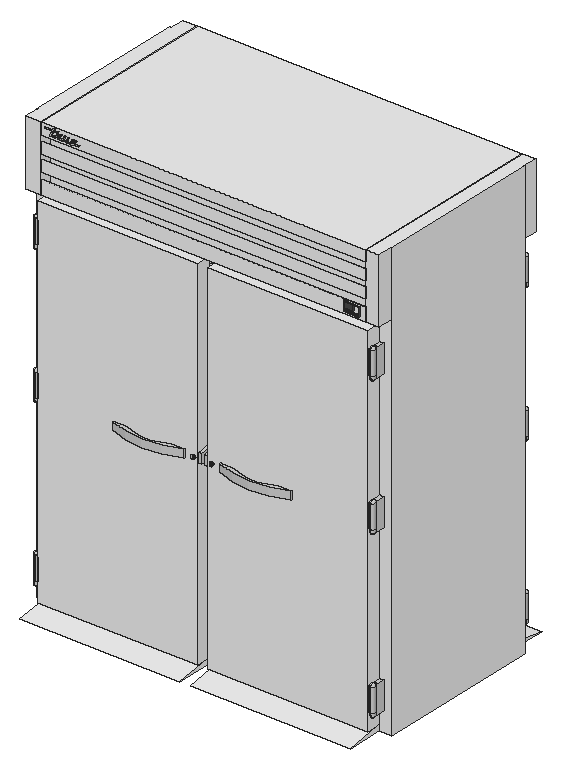
Revit family
Parameters
  Weight in Pounds = 0
  Watts = 4000 W
  Volts = 115 V
  URL Cutsheet = "www.truemfg.com"
  URL = "www.truemfg.com"
  Type Mark [instance] = ""
  Type Comments = ""
  Status [instance] = ""
  Specification by User [instance] = ""
  Specification by Manufacturer = ""
  Show Logo [instance] = yes
  Show Clearance [instance] = yes
  Serial Number = ""
  Seismic Rating = ""
  SMACNA No = ""
  Revision Code [instance] = ""
  Phase = 1
  Omniclass Number and Title = ""
  Number of Poles [instance] = 1
  NAFEM Spec ID Number = ""
  Model = "STA2HRT-2S-2S"
  Min Ckt Ampacity = 0 A
  Max Overcurrent Protection = 0 A
  Masterspec = ""
  Manufacturer = "TRUE FOOD SERVICE EQUIPMENT, INC."
  Length = 68"
  Item Number [instance] = ""
  Installed By [instance] = ""
  Identify Quantity as Lot [instance] = yes
  Height = 83 3/4"
  HP = ""
  Furnished By [instance] = ""
  Foodservice Equipment Identifier [instance] = yes
  FL Amps = Watts / Volts  # 34.7826 A
  Electrical Remarks [instance] = ""
  Electric Connection Type [instance] = ""
  Elec Conn RI Height [instance] = 0"
  Elec Conn Connection Height [instance] = 0"
  Description = "Roll-thru Solid Swing Door Heated Cabinet"
  Depth = 37 1/2"
  Cycle = 60 Hz
  Conn Plug = "14-20P"
  Conn Conduit = yes
  CSI MasterFormat = ""
  CSI Master Format = ""
  Apparent Power = if(Phase = 3, Volts * FL Amps * 1.73, Volts * FL Amps)  # 4000 VA
Reference planes (in)
  plane 1 "BACK": y = 0
  plane 2: z = 0
  plane 3 "LEFT": x = 0
  plane 4 "RIGHT": x = 68
  plane 5 "FRONT": y = -37.5
  plane 6 "TOP": z = 83.75
  plane 7: x = 2.84375
  plane 8: y = -37.4542
  plane 9: x = 34
  plane 10: y = -0.0458
  plane 11: z = 69.90625
Forms (in)
  Extrusion 1, solid, material "QF_Finishes_Chrome - Satin"
    sketch origin (0.05, 0, 0) x (1, 0, 0) y (0, 1, 0)
      loop
        line (-0.05, -2.75) -> (-0.05, -34.75) -> (2.87859, -34.75) -> (2.87859, -2.75) -> (-0.05, -2.75)
    from 0 to 83.75
  Extrusion 2, solid, material "QF_Finishes_Chrome - Satin"
    sketch origin (50.15, 0, 0) x (1, 0, 0) y (0, 1, 0)
      loop
        line (15.15, -2.75) -> (15.15, -34.75) -> (17.85, -34.75) -> (17.85, -2.75) -> (15.15, -2.75)
    from 0 to 83.75
  Extrusion 3, solid, material "QF_Finishes_Chrome - Satin"
    sketch origin (0, 0, 0) x (0, 1, 0) y (0, 0, 1)
      loop
        line (-37.4542, 71.28125) -> (-34.75, 71.28125) -> (-34.75, 68.90625) -> (-2.75, 68.90625) -> (-2.75, 71.28125) -> (-0.0458, 71.28125) -> (-0.0458, 73.94226) -> (-2.25, 72.375) -> (-2.25, 73.65057) -> (-0.0458, 75.21784) -> (-0.0458, 77.31404) -> (-2.25, 75.74678) -> (-2.25, 76.70754) -> (-0.0458, 78.2748) -> (-0.0458, 80.40851) -> (-2.25, 78.84125) -> (-2.25, 79.96352) -> (-0.0458, 81.53078) -> (-0.0458, 83.75) -> (-37.4542, 83.75) -> (-37.4542, 81.53078) -> (-35.25, 79.96352) -> (-35.25, 78.84125) -> (-37.4542, 80.40851) -> (-37.4542, 78.2748) -> (-35.25, 76.70754) -> (-35.25, 75.74678) -> (-37.4542, 77.31404) -> (-37.4542, 75.21784) -> (-35.25, 73.65057) -> (-35.25, 72.375) -> (-37.4542, 73.94226) -> (-37.4542, 71.28125)
      loop
        line (-34.75, 0) -> (-2.75, 0) -> (-2.75, 2) -> (-34.75, 2) -> (-34.75, 0)
    from 2.92859 to 65.3
  Extrusion 4, solid, material "QF_Finishes_Chrome - Satin"
    sketch origin (0, 0, 0) x (1, 0, 0) y (0, 1, 0)
      loop
        line (67.84782, -34.75) -> (65.3, -34.75) -> (65.3, -37.5) -> (67.84782, -37.5) -> (67.84782, -34.75)
      loop
        line (67.84782, -2.75) -> (67.84782, 0) -> (65.3, 0) -> (65.3, -2.75) -> (67.84782, -2.75)
    from 71.28125 to 83.75
  Extrusion 5, solid, material "QF_Finishes_Chrome - Satin"
    sketch origin (-50.125, 0, 0.25) x (1, 0, 0) y (0, 1, 0)
      loop
        line (53.05359, -34.75) -> (50.24109, -34.75) -> (50.24109, -37.5) -> (53.05359, -37.5) -> (53.05359, -34.75)
      loop
        line (53.05359, -2.75) -> (53.05359, 0) -> (50.24109, 0) -> (50.24109, -2.75) -> (53.05359, -2.75)
    from 71.03125 to 83.5
  Extrusion 6, solid, material "QF_Finishes_Handrails and Railings"
    sketch origin (9.34375, -3.83467, -3.5) x (1, 0, 0) y (0, 0, 1)
      loop
        circle (26.4375, 40.0625) r 0.35
      loop
        line (26.47265, 40.33635) -> (26.41715, 40.33635) -> (26.41715, 39.76895) -> (26.47265, 39.76895) -> (26.47265, 40.33635)
    from 33.5 to 33.83066
  Extrusion 7, solid, material "QF_Finishes_Handrails and Railings", visible <- "Show Logo"
    sketch origin (0.33478, -2.68623, 5.13015) x (1, 0, 0) y (0, 0, 1)
      loop
        line (3.46044, 78.08731) -> (3.35478, 77.86073) -> (4.76027, 77.86073)
        arc (4.76027, 77.86073) -> (4.78879, 77.81028) -> (4.76027, 77.75984) r 0.05887
        line (4.76027, 77.75984) -> (4.39369, 76.97372)
        arc (4.39369, 76.97372) -> (4.39051, 76.90091) -> (4.43975, 76.84717) r 0.09523
        line (4.43975, 76.84717) -> (5.33844, 76.84717)
        arc (5.33844, 76.84717) -> (5.45192, 76.88295) -> (5.52436, 76.97735) r 0.19785
        line (5.52436, 76.97735) -> (5.81285, 77.59601) -> (6.0779, 77.59601)
        arc (6.0779, 77.59601) -> (6.14744, 77.57043) -> (6.13737, 77.49703) r 0.05911
        line (6.13737, 77.49703) -> (5.89598, 76.97937)
        arc (5.89598, 76.97937) -> (5.89974, 76.8934) -> (5.97231, 76.84717) r 0.09318
        line (5.97231, 76.84717) -> (6.76198, 76.84717)
        arc (6.76198, 76.84717) -> (6.82249, 76.86919) -> (6.85468, 76.92495) r 0.09412
        arc (6.85468, 76.92495) -> (6.87746, 76.86995) -> (6.93246, 76.84717) r 0.07778
        line (6.93246, 76.84717) -> (7.43246, 76.84717)
        arc (7.43246, 76.84717) -> (7.49022, 76.86265) -> (7.53251, 76.90493) r 0.11552
        arc (7.53251, 76.90493) -> (7.55275, 76.85606) -> (7.60162, 76.83581) r 0.06912
        line (7.60162, 76.83581) -> (8.31225, 76.83581)
        arc (8.31225, 76.83581) -> (8.37034, 76.85988) -> (8.39441, 76.91797) r 0.08216
        arc (8.39441, 76.91797) -> (8.44767, 76.86472) -> (8.52042, 76.84522) r 0.14551
        line (8.52042, 76.84522) -> (9.85158, 76.84522) -> (9.99946, 77.10134) -> (8.65678, 77.10134)
        arc (8.65678, 77.10134) -> (8.61972, 77.12704) -> (8.61834, 77.17211) r 0.05009
        line (8.61834, 77.17211) -> (8.64157, 77.22192)
        arc (8.64157, 77.22192) -> (8.67723, 77.26864) -> (8.73327, 77.28635) r 0.09747
        line (8.73327, 77.28635) -> (9.16485, 77.28635)
        arc (9.16485, 77.28635) -> (9.258, 77.31131) -> (9.32619, 77.3795) r 0.1863
        line (9.32619, 77.3795) -> (9.45119, 77.59601)
        arc (9.45119, 77.59601) -> (9.45119, 77.71157) -> (9.35111, 77.76934) r 0.11556
        line (9.35111, 77.76934) -> (8.89562, 77.76934)
        arc (8.89562, 77.76934) -> (8.7795, 77.74962) -> (8.69849, 77.66412) r 0.18605
        line (8.69849, 77.66412) -> (8.48204, 77.19993)
        arc (8.48204, 77.19993) -> (8.41815, 77.11667) -> (8.31806, 77.08511) r 0.1745
        line (8.31806, 77.08511) -> (7.84559, 77.08511)
        arc (7.84559, 77.08511) -> (7.78903, 77.14684) -> (7.79268, 77.23048) r 0.10939
        line (7.79268, 77.23048) -> (8.04395, 77.76934) -> (7.88403, 77.76934) -> (7.61781, 77.19844)
        arc (7.61781, 77.19844) -> (7.56609, 77.13103) -> (7.48505, 77.10548) r 0.14128
        line (7.48505, 77.10548) -> (7.15925, 77.10548)
        arc (7.15925, 77.10548) -> (7.10419, 77.17723) -> (7.116, 77.26689) r 0.11816
        line (7.116, 77.26689) -> (7.3503, 77.76934) -> (7.18514, 77.76934) -> (6.91546, 77.191)
        arc (6.91546, 77.191) -> (6.85285, 77.12839) -> (6.76733, 77.10548) r 0.17104
        line (6.76733, 77.10548) -> (6.29555, 77.10548)
        arc (6.29555, 77.10548) -> (6.21082, 77.14499) -> (6.20267, 77.23813) r 0.0935
        line (6.20267, 77.23813) -> (6.35774, 77.57069) -> (6.57695, 77.57069)
        arc (6.57695, 77.57069) -> (6.61395, 77.68217) -> (6.69267, 77.76934) r 0.2857
        line (6.69267, 77.76934) -> (5.83605, 77.76934)
        arc (5.83605, 77.76934) -> (5.74086, 77.74824) -> (5.67498, 77.67635) r 0.16212
        line (5.67498, 77.67635) -> (5.44279, 77.17841)
        arc (5.44279, 77.17841) -> (5.3894, 77.12502) -> (5.31647, 77.10548) r 0.14586
        line (5.31647, 77.10548) -> (4.80506, 77.10548)
        arc (4.80506, 77.10548) -> (4.76514, 77.15942) -> (4.77274, 77.22609) r 0.09155
        line (4.77274, 77.22609) -> (5.11018, 77.86073) -> (5.96155, 77.86073) -> (6.06721, 78.08731) -> (5.21584, 78.08731) -> (5.32149, 78.31388) -> (5.01862, 78.31388) -> (4.91297, 78.08731) -> (3.46044, 78.08731)
      loop
        arc (8.83805, 77.56363) -> (8.80119, 77.55375) -> (8.7742, 77.52676) r 0.07373
        line (8.7742, 77.52676) -> (8.75229, 77.45936)
        arc (8.75229, 77.45936) -> (8.76245, 77.43483) -> (8.78699, 77.42466) r 0.0347
        line (8.78699, 77.42466) -> (9.15948, 77.42466)
        arc (9.15948, 77.42466) -> (9.18632, 77.43061) -> (9.20812, 77.44734) r 0.0635
        line (9.20812, 77.44734) -> (9.22624, 77.53122)
        arc (9.22624, 77.53122) -> (9.22091, 77.55368) -> (9.20009, 77.56363) r 0.02676
        line (9.20009, 77.56363) -> (8.83805, 77.56363)
    from 34.76797 to 34.83173
  Extrusion 8, solid, material "QF_Finishes_White"
    sketch origin (-22.74812, -2.7042, -7.90007) x (1, 0, 0) y (0, 0, 1)
      loop
        line (83.81732, 81.35727) -> (83.81732, 79.60996) -> (86.72357, 79.60996) -> (86.72357, 81.35727) -> (83.81732, 81.35727)
    from 34.75 to 34.76797
  Extrusion 9, solid, material "QF_Finishes_Black"
    sketch origin (-22.74812, -2.7042, -7.90007) x (1, 0, 0) y (0, 0, 1)
      loop
        line (86.78607, 81.41977) -> (83.75482, 81.41977) -> (83.75482, 79.54746) -> (86.78607, 79.54746) -> (86.78607, 81.41977)
      loop
        spline (83.95482, 79.87872) -> (83.96333, 79.86254) -> (83.98831, 79.84747) -> (84.02804, 79.83452) -> (84.07982, 79.82459) -> (84.14011, 79.81835) -> (84.20482, 79.81622) -> (84.26952, 79.81835) -> (84.32982, 79.82459) -> (84.38159, 79.83452) -> (84.42132, 79.84747) -> (84.4463, 79.86254) -> (84.45482, 79.87872)
        spline (84.45482, 79.87872) -> (84.4463, 79.89489) -> (84.42132, 79.90997) -> (84.38159, 79.92291) -> (84.32982, 79.93284) -> (84.26952, 79.93909) -> (84.20482, 79.94122) -> (84.14011, 79.93909) -> (84.07982, 79.93284) -> (84.02804, 79.92291) -> (83.98831, 79.90997) -> (83.96333, 79.89489) -> (83.95482, 79.87872)
      loop
        spline (84.65083, 79.87872) -> (84.65935, 79.86254) -> (84.68432, 79.84747) -> (84.72405, 79.83452) -> (84.77583, 79.82459) -> (84.83612, 79.81835) -> (84.90083, 79.81622) -> (84.96553, 79.81835) -> (85.02583, 79.82459) -> (85.07761, 79.83452) -> (85.11734, 79.84747) -> (85.14231, 79.86254) -> (85.15083, 79.87872)
        spline (85.15083, 79.87872) -> (85.14231, 79.89489) -> (85.11734, 79.90997) -> (85.07761, 79.92291) -> (85.02583, 79.93284) -> (84.96553, 79.93909) -> (84.90083, 79.94122) -> (84.83612, 79.93909) -> (84.77583, 79.93284) -> (84.72405, 79.92291) -> (84.68432, 79.90997) -> (84.65935, 79.89489) -> (84.65083, 79.87872)
      loop
        spline (85.40083, 79.87872) -> (85.40935, 79.86254) -> (85.43432, 79.84747) -> (85.47405, 79.83452) -> (85.52583, 79.82459) -> (85.58612, 79.81835) -> (85.65083, 79.81622) -> (85.71553, 79.81835) -> (85.77583, 79.82459) -> (85.82761, 79.83452) -> (85.86734, 79.84747) -> (85.89231, 79.86254) -> (85.90083, 79.87872)
        spline (85.90083, 79.87872) -> (85.89231, 79.89489) -> (85.86734, 79.90997) -> (85.82761, 79.92291) -> (85.77583, 79.93284) -> (85.71553, 79.93909) -> (85.65083, 79.94122) -> (85.58612, 79.93909) -> (85.52583, 79.93284) -> (85.47405, 79.92291) -> (85.43432, 79.90997) -> (85.40935, 79.89489) -> (85.40083, 79.87872)
      loop
        line (83.95481, 81.21978) -> (83.95481, 80.21978) -> (85.65433, 80.21978) -> (85.65433, 81.21978) -> (83.95481, 81.21978)
      loop
        line (86.72357, 81.35727) -> (83.81732, 81.35727) -> (83.81732, 79.60996) -> (86.72357, 79.60996) -> (86.72357, 81.35727)
      loop
        spline (86.15083, 79.87872) -> (86.15935, 79.86254) -> (86.18432, 79.84747) -> (86.22405, 79.83452) -> (86.27583, 79.82459) -> (86.33612, 79.81835) -> (86.40083, 79.81622) -> (86.46553, 79.81835) -> (86.52583, 79.82459) -> (86.57761, 79.83452) -> (86.61734, 79.84747) -> (86.64231, 79.86254) -> (86.65083, 79.87872)
        spline (86.65083, 79.87872) -> (86.64231, 79.89489) -> (86.61734, 79.90997) -> (86.57761, 79.92291) -> (86.52583, 79.93284) -> (86.46553, 79.93909) -> (86.40083, 79.94122) -> (86.33612, 79.93909) -> (86.27583, 79.93284) -> (86.22405, 79.92291) -> (86.18432, 79.90997) -> (86.15935, 79.89489) -> (86.15083, 79.87872)
    from 34.76797 to 34.80335
  Extrusion 10, solid
    sketch origin (-25.125, 0, 0) x (1, 0, 0) y (0, 0, 1)
      loop
        circle (89.875, 81.625) r 0.25
    from 0 to 0.0625
  Blend 11, solid, material "QF_Finishes_Handrails and Railings"
    base sketch origin (60.25, -3.75, -1.5) x (-1, 0, 0) y (0, 0, -1)
      loop
        line (25.25, -38.99169) -> (26, -38.99169) -> (26, -37.24169) -> (25.25, -37.24169) -> (25.25, -38.99169)
    top sketch origin (60.25, 0, -1.5) x (-1, 0, 0) y (0, 0, -1)
      loop
        line (26.18223, -36.6441) -> (25.25, -36.6441) -> (25.25, -39.42643) -> (26.18223, -39.42643) -> (26.18223, -36.6441)
    from 33.57883 to 34.75
  Extrusion 12, solid, material "QF_Finishes_Handrails and Railings"
    sketch origin (66.78125, 0, 2.75) x (0, 1, 0) y (0, 0, -1)
      loop
        line (-34.75, -64.17729) -> (-34.75, -58.86127) -> (-37, -58.86127) -> (-37, -59.57348) -> (-36.56497, -59.57348) -> (-36.56497, -63.97276)
        arc (-36.56497, -63.97276) -> (-36.50506, -64.11738) -> (-36.36044, -64.17729) r 0.20453
        line (-36.36044, -64.17729) -> (-34.75, -64.17729)
    from 0.17506 to 1
  Revolve 13, solid, material "QF_Finishes_Handrails and Railings"
    sketch origin (66.28125, 0, 2.75) x (0, 1, 0) y (0, 0, -1)
      loop
        line (-37.01563, -59.62689) -> (-37.42229, -59.62689) -> (-37.42229, -64.0986)
        arc (-37.42229, -64.0986) -> (-37.28722, -64.35057) -> (-37.01563, -64.43983) r 0.3848
        line (-37.01563, -64.43983) -> (-37.01563, -59.62689)
      loop
        line (-37.01563, -59.57348) -> (-37.01563, -58.67281)
        arc (-37.01563, -58.67281) -> (-37.28264, -58.75883) -> (-37.42229, -59.00212) r 0.38884
        line (-37.42229, -59.00212) -> (-37.42229, -59.57348) -> (-37.01563, -59.57348)
      axis (-37.01563, -58.67281) -> (-37.01563, -64.43983)
    angle from 0 to 360
  Extrusion 14, solid, material "QF_Finishes_Handrails and Railings"
    sketch origin (27.5, -3.82734, 2.7511) x (-1, 0, 0) y (0, 0, -1)
      loop
        line (-38.58509, -64.0986) -> (-38.1875, -64.0986) -> (-38.1875, -59.62579) -> (-38.58509, -59.62579) -> (-38.58509, -64.0986)
    from 32.81497 to 33.59495
  Extrusion 15, solid, material "QF_Finishes_Handrails and Railings"
    sketch origin (66.78125, 0, -24) x (0, 1, 0) y (0, 0, -1)
      loop
        line (-34.75, -64.55229) -> (-34.75, -59.23627) -> (-37, -59.23627) -> (-37, -59.94848) -> (-36.56497, -59.94848) -> (-36.56497, -64.34776)
        arc (-36.56497, -64.34776) -> (-36.50506, -64.49238) -> (-36.36044, -64.55229) r 0.20453
        line (-36.36044, -64.55229) -> (-34.75, -64.55229)
    from 0.17506 to 1
  Revolve 16, solid, material "QF_Finishes_Handrails and Railings"
    sketch origin (66.28125, 0, -24) x (0, 1, 0) y (0, 0, -1)
      loop
        line (-37.01563, -60.00189) -> (-37.42229, -60.00189) -> (-37.42229, -64.4736)
        arc (-37.42229, -64.4736) -> (-37.28722, -64.72557) -> (-37.01563, -64.81483) r 0.3848
        line (-37.01563, -64.81483) -> (-37.01563, -60.00189)
      loop
        line (-37.01563, -59.94848) -> (-37.01563, -59.04781)
        arc (-37.01563, -59.04781) -> (-37.28264, -59.13383) -> (-37.42229, -59.37712) r 0.38884
        line (-37.42229, -59.37712) -> (-37.42229, -59.94848) -> (-37.01563, -59.94848)
      axis (-37.01563, -59.04781) -> (-37.01563, -64.81483)
    angle from 0 to 360
  Extrusion 17, solid, material "QF_Finishes_Handrails and Railings"
    sketch origin (27.5, -3.82734, -23.9989) x (-1, 0, 0) y (0, 0, -1)
      loop
        line (-38.58509, -64.4736) -> (-38.1875, -64.4736) -> (-38.1875, -60.00079) -> (-38.58509, -60.00079) -> (-38.58509, -64.4736)
    from 32.81497 to 33.59495
  Extrusion 18, solid, material "QF_Finishes_Handrails and Railings"
    sketch origin (66.78125, 0, -55.5) x (0, 1, 0) y (0, 0, -1)
      loop
        line (-34.75, -64.55229) -> (-34.75, -59.23627) -> (-37, -59.23627) -> (-37, -59.94848) -> (-36.56497, -59.94848) -> (-36.56497, -64.34776)
        arc (-36.56497, -64.34776) -> (-36.50506, -64.49238) -> (-36.36044, -64.55229) r 0.20453
        line (-36.36044, -64.55229) -> (-34.75, -64.55229)
    from 0.17506 to 1
  Revolve 19, solid, material "QF_Finishes_Handrails and Railings"
    sketch origin (66.28125, 0, -55.5) x (0, 1, 0) y (0, 0, -1)
      loop
        line (-37.01563, -60.00189) -> (-37.42229, -60.00189) -> (-37.42229, -64.4736)
        arc (-37.42229, -64.4736) -> (-37.28722, -64.72557) -> (-37.01563, -64.81483) r 0.3848
        line (-37.01563, -64.81483) -> (-37.01563, -60.00189)
      loop
        line (-37.01563, -59.94848) -> (-37.01563, -59.04781)
        arc (-37.01563, -59.04781) -> (-37.28264, -59.13383) -> (-37.42229, -59.37712) r 0.38884
        line (-37.42229, -59.37712) -> (-37.42229, -59.94848) -> (-37.01563, -59.94848)
      axis (-37.01563, -59.04781) -> (-37.01563, -64.81483)
    angle from 0 to 360
  Extrusion 20, solid, material "QF_Finishes_Handrails and Railings"
    sketch origin (27.5, -3.82734, -55.4989) x (-1, 0, 0) y (0, 0, -1)
      loop
        line (-38.58509, -64.4736) -> (-38.1875, -64.4736) -> (-38.1875, -60.00079) -> (-38.58509, -60.00079) -> (-38.58509, -64.4736)
    from 32.81497 to 33.59495
  Extrusion 21, solid, material "QF_Finishes_Chrome - Satin"
    sketch origin (65.6875, -3.75, 8.03125) x (0, 0, 1) y (0, -1, 0)
      loop
        line (-8.03125, 37.875) -> (-8.03125, 31) -> (-7.03125, 31) -> (-8.03125, 37.875)
    from 0 to -30.6875
  Extrusion 22, solid, material "QF_Finishes_Chrome - Satin"
    sketch origin (59.96875, -3.75, -0.71875) x (-1, 0, 0) y (0, 0, -1)
      loop
        line (26.96875, -1.71875) -> (26.96875, -70.625) -> (57.65625, -70.625) -> (57.65625, -1.71875) -> (26.96875, -1.71875)
      loop
        line (24.96875, -1.71875) -> (-5.71875, -1.71875) -> (-5.71875, -70.625) -> (24.96875, -70.625) -> (24.96875, -1.71875)
    from 31 to 33.75
  Extrusion 23, solid, material "QF_Finishes_Handrails and Railings"
    sketch origin (58.65625, -3.83467, -3.5) x (-1, 0, 0) y (0, 0, -1)
      loop
        circle (26.4375, -40.0625) r 0.35
      loop
        line (26.47265, -40.33635) -> (26.47265, -39.76895) -> (26.41715, -39.76895) -> (26.41715, -40.33635) -> (26.47265, -40.33635)
    from 33.5 to 33.83066
  Blend 24, solid, material "QF_Finishes_Handrails and Railings"
    base sketch origin (7.75, -3.75, -1.5) x (1, 0, 0) y (0, 0, 1)
      loop
        line (25.25, 38.99169) -> (25.25, 37.24169) -> (26, 37.24169) -> (26, 38.99169) -> (25.25, 38.99169)
    top sketch origin (7.75, 0, -1.5) x (1, 0, 0) y (0, 0, 1)
      loop
        line (26.18223, 36.6441) -> (26.18223, 39.42643) -> (25.25, 39.42643) -> (25.25, 36.6441) -> (26.18223, 36.6441)
    from 33.57883 to 34.75
  Extrusion 25, solid, material "QF_Finishes_Handrails and Railings"
    sketch origin (1.21875, 0, 2.75) x (0, 1, 0) y (0, 0, 1)
      loop
        line (-34.75, 64.17729) -> (-36.36044, 64.17729)
        arc (-36.36044, 64.17729) -> (-36.50506, 64.11738) -> (-36.56497, 63.97276) r 0.20453
        line (-36.56497, 63.97276) -> (-36.56497, 59.57348) -> (-37, 59.57348) -> (-37, 58.86127) -> (-34.75, 58.86127) -> (-34.75, 64.17729)
    from 0.17506 to 1
  Revolve 26, solid, material "QF_Finishes_Handrails and Railings"
    sketch origin (1.71875, 0, 2.75) x (0, 1, 0) y (0, 0, 1)
      loop
        line (-37.01563, 59.62689) -> (-37.01563, 64.43983)
        arc (-37.01563, 64.43983) -> (-37.28722, 64.35057) -> (-37.42229, 64.0986) r 0.3848
        line (-37.42229, 64.0986) -> (-37.42229, 59.62689) -> (-37.01563, 59.62689)
      loop
        line (-37.01563, 59.57348) -> (-37.42229, 59.57348) -> (-37.42229, 59.00212)
        arc (-37.42229, 59.00212) -> (-37.28264, 58.75883) -> (-37.01563, 58.67281) r 0.38884
        line (-37.01563, 58.67281) -> (-37.01563, 59.57348)
      axis (-37.01563, 58.67281) -> (-37.01563, 64.43983)
    angle from 0 to 360
  Extrusion 27, solid, material "QF_Finishes_Handrails and Railings"
    sketch origin (40.5, -3.82734, 2.7511) x (1, 0, 0) y (0, 0, 1)
      loop
        line (-38.58509, 64.0986) -> (-38.58509, 59.62579) -> (-38.1875, 59.62579) -> (-38.1875, 64.0986) -> (-38.58509, 64.0986)
    from 32.81497 to 33.59495
  Extrusion 28, solid, material "QF_Finishes_Handrails and Railings"
    sketch origin (1.21875, 0, -24) x (0, 1, 0) y (0, 0, 1)
      loop
        line (-34.75, 64.55229) -> (-36.36044, 64.55229)
        arc (-36.36044, 64.55229) -> (-36.50506, 64.49238) -> (-36.56497, 64.34776) r 0.20453
        line (-36.56497, 64.34776) -> (-36.56497, 59.94848) -> (-37, 59.94848) -> (-37, 59.23627) -> (-34.75, 59.23627) -> (-34.75, 64.55229)
    from 0.17506 to 1
  Revolve 29, solid, material "QF_Finishes_Handrails and Railings"
    sketch origin (1.71875, 0, -24) x (0, 1, 0) y (0, 0, 1)
      loop
        line (-37.01563, 60.00189) -> (-37.01563, 64.81483)
        arc (-37.01563, 64.81483) -> (-37.28722, 64.72557) -> (-37.42229, 64.4736) r 0.3848
        line (-37.42229, 64.4736) -> (-37.42229, 60.00189) -> (-37.01563, 60.00189)
      loop
        line (-37.01563, 59.94848) -> (-37.42229, 59.94848) -> (-37.42229, 59.37712)
        arc (-37.42229, 59.37712) -> (-37.28264, 59.13383) -> (-37.01563, 59.04781) r 0.38884
        line (-37.01563, 59.04781) -> (-37.01563, 59.94848)
      axis (-37.01563, 59.04781) -> (-37.01563, 64.81483)
    angle from 0 to 360
  Extrusion 30, solid, material "QF_Finishes_Handrails and Railings"
    sketch origin (40.5, -3.82734, -23.9989) x (1, 0, 0) y (0, 0, 1)
      loop
        line (-38.58509, 64.4736) -> (-38.58509, 60.00079) -> (-38.1875, 60.00079) -> (-38.1875, 64.4736) -> (-38.58509, 64.4736)
    from 32.81497 to 33.59495
  Extrusion 31, solid, material "QF_Finishes_Handrails and Railings"
    sketch origin (1.21875, 0, -55.5) x (0, 1, 0) y (0, 0, 1)
      loop
        line (-34.75, 64.55229) -> (-36.36044, 64.55229)
        arc (-36.36044, 64.55229) -> (-36.50506, 64.49238) -> (-36.56497, 64.34776) r 0.20453
        line (-36.56497, 64.34776) -> (-36.56497, 59.94848) -> (-37, 59.94848) -> (-37, 59.23627) -> (-34.75, 59.23627) -> (-34.75, 64.55229)
    from 0.17506 to 1
  Revolve 32, solid, material "QF_Finishes_Handrails and Railings"
    sketch origin (1.71875, 0, -55.5) x (0, 1, 0) y (0, 0, 1)
      loop
        line (-37.01563, 60.00189) -> (-37.01563, 64.81483)
        arc (-37.01563, 64.81483) -> (-37.28722, 64.72557) -> (-37.42229, 64.4736) r 0.3848
        line (-37.42229, 64.4736) -> (-37.42229, 60.00189) -> (-37.01563, 60.00189)
      loop
        line (-37.01563, 59.94848) -> (-37.42229, 59.94848) -> (-37.42229, 59.37712)
        arc (-37.42229, 59.37712) -> (-37.28264, 59.13383) -> (-37.01563, 59.04781) r 0.38884
        line (-37.01563, 59.04781) -> (-37.01563, 59.94848)
      axis (-37.01563, 59.04781) -> (-37.01563, 64.81483)
    angle from 0 to 360
  Extrusion 33, solid, material "QF_Finishes_Handrails and Railings"
    sketch origin (40.5, -3.82734, -55.4989) x (1, 0, 0) y (0, 0, 1)
      loop
        line (-38.58509, 64.4736) -> (-38.58509, 60.00079) -> (-38.1875, 60.00079) -> (-38.1875, 64.4736) -> (-38.58509, 64.4736)
    from 32.81497 to 33.59495
  Extrusion 34, solid, material "QF_Finishes_Chrome - Satin"
    sketch origin (2.3125, -3.75, 8.03125) x (0, 0, 1) y (0, 1, 0)
      loop
        line (-8.03125, -37.875) -> (-7.03125, -31) -> (-8.03125, -31) -> (-8.03125, -37.875)
    from 0 to -30.6875
  Extrusion 35, solid, material "QF_Finishes_Door Clearance", visible <- "Show Clearance", detail levels coarse
    sketch origin (32.71875, -3.75, 1) x (0, 1, 0) y (1, 0, 0)
      loop
        line (-33.75, -30.40625) -> (-33.75, 0.28125)
        arc (-33.75, 0.28125) -> (-55.44934, -8.70691) -> (-64.4375, -30.40625) r 30.6875
        line (-64.4375, -30.40625) -> (-33.75, -30.40625)
      loop
        line (-33.75, 32.96875) -> (-64.4375, 32.96875)
        arc (-64.4375, 32.96875) -> (-55.44934, 11.26941) -> (-33.75, 2.28125) r 30.6875
        line (-33.75, 2.28125) -> (-33.75, 32.96875)
    from 0 to -68.90625
  Extrusion 36, solid, material "QF_Finishes_Chrome - Satin"
    sketch origin (8.03125, -33.75, -0.71875) x (1, 0, 0) y (0, 0, -1)
      loop
        line (26.96875, -1.71875) -> (26.96875, -70.625) -> (57.65625, -70.625) -> (57.65625, -1.71875) -> (26.96875, -1.71875)
    from 31 to 33.75
  Extrusion 37, solid, material "QF_Finishes_Handrails and Railings"
    sketch origin (91.34375, -37.25, 24.93519) x (-1, 0, 0) y (0, -1, 0)
      loop
        line (53.875, -37.25) -> (51.475, -37.25)
        arc (51.475, -37.25) -> (47.075, -38.40816) -> (42.675, -37.25) r 8.93715
        line (42.675, -37.25) -> (40.275, -37.25) -> (40.275, -37.45)
        arc (40.275, -37.45) -> (47.075, -38.89405) -> (53.875, -37.45) r 16.7325
        line (53.875, -37.45) -> (53.875, -37.25)
    from 10.87731 to 12.37731
  Extrusion 38, solid, material "QF_Finishes_Handrails and Railings"
    sketch origin (9.34375, -33.66533, -3.5) x (1, 0, 0) y (0, 0, -1)
      loop
        circle (26.4375, -40.0625) r 0.35
      loop
        line (26.47265, -40.33635) -> (26.47265, -39.76895) -> (26.41715, -39.76895) -> (26.41715, -40.33635) -> (26.47265, -40.33635)
    from 33.5 to 33.83066
  Blend 39, solid, material "QF_Finishes_Handrails and Railings"
    base sketch origin (60.25, -33.75, -1.5) x (-1, 0, 0) y (0, 0, 1)
      loop
        line (25.25, 38.99169) -> (25.25, 37.24169) -> (26, 37.24169) -> (26, 38.99169) -> (25.25, 38.99169)
    top sketch origin (60.25, -37.5, -1.5) x (-1, 0, 0) y (0, 0, 1)
      loop
        line (26.18223, 36.6441) -> (26.18223, 39.42643) -> (25.25, 39.42643) -> (25.25, 36.6441) -> (26.18223, 36.6441)
    from 33.57883 to 34.75
  Extrusion 40, solid, material "QF_Finishes_Handrails and Railings"
    sketch origin (66.78125, -37.5, 2.75) x (0, -1, 0) y (0, 0, 1)
      loop
        line (-34.75, 64.17729) -> (-36.36044, 64.17729)
        arc (-36.36044, 64.17729) -> (-36.50506, 64.11738) -> (-36.56497, 63.97276) r 0.20453
        line (-36.56497, 63.97276) -> (-36.56497, 59.57348) -> (-37, 59.57348) -> (-37, 58.86127) -> (-34.75, 58.86127) -> (-34.75, 64.17729)
    from 0.17506 to 1
  Revolve 41, solid, material "QF_Finishes_Handrails and Railings"
    sketch origin (66.28125, -37.5, 2.75) x (0, -1, 0) y (0, 0, 1)
      loop
        line (-37.01563, 59.62689) -> (-37.01563, 64.43983)
        arc (-37.01563, 64.43983) -> (-37.28722, 64.35057) -> (-37.42229, 64.0986) r 0.3848
        line (-37.42229, 64.0986) -> (-37.42229, 59.62689) -> (-37.01563, 59.62689)
      loop
        line (-37.01563, 59.57348) -> (-37.42229, 59.57348) -> (-37.42229, 59.00212)
        arc (-37.42229, 59.00212) -> (-37.28264, 58.75883) -> (-37.01563, 58.67281) r 0.38884
        line (-37.01563, 58.67281) -> (-37.01563, 59.57348)
      axis (-37.01563, 58.67281) -> (-37.01563, 64.43983)
    angle from 0 to 360
  Extrusion 42, solid, material "QF_Finishes_Handrails and Railings"
    sketch origin (27.5, -33.67266, 2.7511) x (-1, 0, 0) y (0, 0, 1)
      loop
        line (-38.58509, 64.0986) -> (-38.58509, 59.62579) -> (-38.1875, 59.62579) -> (-38.1875, 64.0986) -> (-38.58509, 64.0986)
    from 32.81497 to 33.59495
  Extrusion 43, solid, material "QF_Finishes_Handrails and Railings"
    sketch origin (66.78125, -37.5, -24) x (0, -1, 0) y (0, 0, 1)
      loop
        line (-34.75, 64.55229) -> (-36.36044, 64.55229)
        arc (-36.36044, 64.55229) -> (-36.50506, 64.49238) -> (-36.56497, 64.34776) r 0.20453
        line (-36.56497, 64.34776) -> (-36.56497, 59.94848) -> (-37, 59.94848) -> (-37, 59.23627) -> (-34.75, 59.23627) -> (-34.75, 64.55229)
    from 0.17506 to 1
  Revolve 44, solid, material "QF_Finishes_Handrails and Railings"
    sketch origin (66.28125, -37.5, -24) x (0, -1, 0) y (0, 0, 1)
      loop
        line (-37.01563, 60.00189) -> (-37.01563, 64.81483)
        arc (-37.01563, 64.81483) -> (-37.28722, 64.72557) -> (-37.42229, 64.4736) r 0.3848
        line (-37.42229, 64.4736) -> (-37.42229, 60.00189) -> (-37.01563, 60.00189)
      loop
        line (-37.01563, 59.94848) -> (-37.42229, 59.94848) -> (-37.42229, 59.37712)
        arc (-37.42229, 59.37712) -> (-37.28264, 59.13383) -> (-37.01563, 59.04781) r 0.38884
        line (-37.01563, 59.04781) -> (-37.01563, 59.94848)
      axis (-37.01563, 59.04781) -> (-37.01563, 64.81483)
    angle from 0 to 360
  Extrusion 45, solid, material "QF_Finishes_Handrails and Railings"
    sketch origin (27.5, -33.67266, -23.9989) x (-1, 0, 0) y (0, 0, 1)
      loop
        line (-38.58509, 64.4736) -> (-38.58509, 60.00079) -> (-38.1875, 60.00079) -> (-38.1875, 64.4736) -> (-38.58509, 64.4736)
    from 32.81497 to 33.59495
  Extrusion 46, solid, material "QF_Finishes_Handrails and Railings"
    sketch origin (66.78125, -37.5, -55.5) x (0, -1, 0) y (0, 0, 1)
      loop
        line (-34.75, 64.55229) -> (-36.36044, 64.55229)
        arc (-36.36044, 64.55229) -> (-36.50506, 64.49238) -> (-36.56497, 64.34776) r 0.20453
        line (-36.56497, 64.34776) -> (-36.56497, 59.94848) -> (-37, 59.94848) -> (-37, 59.23627) -> (-34.75, 59.23627) -> (-34.75, 64.55229)
    from 0.17506 to 1
  Revolve 47, solid, material "QF_Finishes_Handrails and Railings"
    sketch origin (66.28125, -37.5, -55.5) x (0, -1, 0) y (0, 0, 1)
      loop
        line (-37.01563, 60.00189) -> (-37.01563, 64.81483)
        arc (-37.01563, 64.81483) -> (-37.28722, 64.72557) -> (-37.42229, 64.4736) r 0.3848
        line (-37.42229, 64.4736) -> (-37.42229, 60.00189) -> (-37.01563, 60.00189)
      loop
        line (-37.01563, 59.94848) -> (-37.42229, 59.94848) -> (-37.42229, 59.37712)
        arc (-37.42229, 59.37712) -> (-37.28264, 59.13383) -> (-37.01563, 59.04781) r 0.38884
        line (-37.01563, 59.04781) -> (-37.01563, 59.94848)
      axis (-37.01563, 59.04781) -> (-37.01563, 64.81483)
    angle from 0 to 360
  Extrusion 48, solid, material "QF_Finishes_Handrails and Railings"
    sketch origin (27.5, -33.67266, -55.4989) x (-1, 0, 0) y (0, 0, 1)
      loop
        line (-38.58509, 64.4736) -> (-38.58509, 60.00079) -> (-38.1875, 60.00079) -> (-38.1875, 64.4736) -> (-38.58509, 64.4736)
    from 32.81497 to 33.59495
  Extrusion 49, solid, material "QF_Finishes_Chrome - Satin"
    sketch origin (65.6875, -33.75, 8.03125) x (0, 0, 1) y (0, -1, 0)
      loop
        line (-8.03125, -37.875) -> (-7.03125, -31) -> (-8.03125, -31) -> (-8.03125, -37.875)
    from 0 to -30.6875
  Extrusion 50, solid, material "QF_Finishes_Chrome - Satin"
    sketch origin (59.96875, -33.75, -0.71875) x (-1, 0, 0) y (0, 0, 1)
      loop
        line (26.96875, 1.71875) -> (57.65625, 1.71875) -> (57.65625, 70.625) -> (26.96875, 70.625) -> (26.96875, 1.71875)
    from 31 to 33.75
  Extrusion 51, solid, material "QF_Finishes_Handrails and Railings"
    sketch origin (-23.34375, -37.25, 24.93519) x (-1, 0, 0) y (0, -1, 0)
      loop
        line (-53.875, -37.25) -> (-53.875, -37.45)
        arc (-53.875, -37.45) -> (-47.075, -38.89405) -> (-40.275, -37.45) r 16.7325
        line (-40.275, -37.45) -> (-40.275, -37.25) -> (-42.675, -37.25)
        arc (-42.675, -37.25) -> (-47.075, -38.40816) -> (-51.475, -37.25) r 8.93715
        line (-51.475, -37.25) -> (-53.875, -37.25)
    from 10.87731 to 12.37731
  Extrusion 52, solid, material "QF_Finishes_Handrails and Railings"
    sketch origin (58.65625, -33.66533, -3.5) x (-1, 0, 0) y (0, 0, 1)
      loop
        circle (26.4375, 40.0625) r 0.35
      loop
        line (26.47265, 40.33635) -> (26.41715, 40.33635) -> (26.41715, 39.76895) -> (26.47265, 39.76895) -> (26.47265, 40.33635)
    from 33.5 to 33.83066
  Blend 53, solid, material "QF_Finishes_Handrails and Railings"
    base sketch origin (7.75, -33.75, -1.5) x (1, 0, 0) y (0, 0, -1)
      loop
        line (25.25, -38.99169) -> (26, -38.99169) -> (26, -37.24169) -> (25.25, -37.24169) -> (25.25, -38.99169)
    top sketch origin (7.75, -37.5, -1.5) x (1, 0, 0) y (0, 0, -1)
      loop
        line (26.18223, -36.6441) -> (25.25, -36.6441) -> (25.25, -39.42643) -> (26.18223, -39.42643) -> (26.18223, -36.6441)
    from 33.57883 to 34.75
  Extrusion 54, solid, material "QF_Finishes_Handrails and Railings"
    sketch origin (1.21875, -37.5, 2.75) x (0, -1, 0) y (0, 0, -1)
      loop
        line (-34.75, -64.17729) -> (-34.75, -58.86127) -> (-37, -58.86127) -> (-37, -59.57348) -> (-36.56497, -59.57348) -> (-36.56497, -63.97276)
        arc (-36.56497, -63.97276) -> (-36.50506, -64.11738) -> (-36.36044, -64.17729) r 0.20453
        line (-36.36044, -64.17729) -> (-34.75, -64.17729)
    from 0.17506 to 1
  Revolve 55, solid, material "QF_Finishes_Handrails and Railings"
    sketch origin (1.71875, -37.5, 2.75) x (0, -1, 0) y (0, 0, -1)
      loop
        line (-37.01563, -59.62689) -> (-37.42229, -59.62689) -> (-37.42229, -64.0986)
        arc (-37.42229, -64.0986) -> (-37.28722, -64.35057) -> (-37.01563, -64.43983) r 0.3848
        line (-37.01563, -64.43983) -> (-37.01563, -59.62689)
      loop
        line (-37.01563, -59.57348) -> (-37.01563, -58.67281)
        arc (-37.01563, -58.67281) -> (-37.28264, -58.75883) -> (-37.42229, -59.00212) r 0.38884
        line (-37.42229, -59.00212) -> (-37.42229, -59.57348) -> (-37.01563, -59.57348)
      axis (-37.01563, -58.67281) -> (-37.01563, -64.43983)
    angle from 0 to 360
  Extrusion 56, solid, material "QF_Finishes_Handrails and Railings"
    sketch origin (40.5, -33.67266, 2.7511) x (1, 0, 0) y (0, 0, -1)
      loop
        line (-38.58509, -64.0986) -> (-38.1875, -64.0986) -> (-38.1875, -59.62579) -> (-38.58509, -59.62579) -> (-38.58509, -64.0986)
    from 32.81497 to 33.59495
  Extrusion 57, solid, material "QF_Finishes_Handrails and Railings"
    sketch origin (1.21875, -37.5, -24) x (0, -1, 0) y (0, 0, -1)
      loop
        line (-34.75, -64.55229) -> (-34.75, -59.23627) -> (-37, -59.23627) -> (-37, -59.94848) -> (-36.56497, -59.94848) -> (-36.56497, -64.34776)
        arc (-36.56497, -64.34776) -> (-36.50506, -64.49238) -> (-36.36044, -64.55229) r 0.20453
        line (-36.36044, -64.55229) -> (-34.75, -64.55229)
    from 0.17506 to 1
  Revolve 58, solid, material "QF_Finishes_Handrails and Railings"
    sketch origin (1.71875, -37.5, -24) x (0, -1, 0) y (0, 0, -1)
      loop
        line (-37.01563, -60.00189) -> (-37.42229, -60.00189) -> (-37.42229, -64.4736)
        arc (-37.42229, -64.4736) -> (-37.28722, -64.72557) -> (-37.01563, -64.81483) r 0.3848
        line (-37.01563, -64.81483) -> (-37.01563, -60.00189)
      loop
        line (-37.01563, -59.94848) -> (-37.01563, -59.04781)
        arc (-37.01563, -59.04781) -> (-37.28264, -59.13383) -> (-37.42229, -59.37712) r 0.38884
        line (-37.42229, -59.37712) -> (-37.42229, -59.94848) -> (-37.01563, -59.94848)
      axis (-37.01563, -59.04781) -> (-37.01563, -64.81483)
    angle from 0 to 360
  Extrusion 59, solid, material "QF_Finishes_Handrails and Railings"
    sketch origin (40.5, -33.67266, -23.9989) x (1, 0, 0) y (0, 0, -1)
      loop
        line (-38.58509, -64.4736) -> (-38.1875, -64.4736) -> (-38.1875, -60.00079) -> (-38.58509, -60.00079) -> (-38.58509, -64.4736)
    from 32.81497 to 33.59495
  Extrusion 60, solid, material "QF_Finishes_Handrails and Railings"
    sketch origin (1.21875, -37.5, -55.5) x (0, -1, 0) y (0, 0, -1)
      loop
        line (-34.75, -64.55229) -> (-34.75, -59.23627) -> (-37, -59.23627) -> (-37, -59.94848) -> (-36.56497, -59.94848) -> (-36.56497, -64.34776)
        arc (-36.56497, -64.34776) -> (-36.50506, -64.49238) -> (-36.36044, -64.55229) r 0.20453
        line (-36.36044, -64.55229) -> (-34.75, -64.55229)
    from 0.17506 to 1
  Revolve 61, solid, material "QF_Finishes_Handrails and Railings"
    sketch origin (1.71875, -37.5, -55.5) x (0, -1, 0) y (0, 0, -1)
      loop
        line (-37.01563, -60.00189) -> (-37.42229, -60.00189) -> (-37.42229, -64.4736)
        arc (-37.42229, -64.4736) -> (-37.28722, -64.72557) -> (-37.01563, -64.81483) r 0.3848
        line (-37.01563, -64.81483) -> (-37.01563, -60.00189)
      loop
        line (-37.01563, -59.94848) -> (-37.01563, -59.04781)
        arc (-37.01563, -59.04781) -> (-37.28264, -59.13383) -> (-37.42229, -59.37712) r 0.38884
        line (-37.42229, -59.37712) -> (-37.42229, -59.94848) -> (-37.01563, -59.94848)
      axis (-37.01563, -59.04781) -> (-37.01563, -64.81483)
    angle from 0 to 360
  Extrusion 62, solid, material "QF_Finishes_Handrails and Railings"
    sketch origin (40.5, -33.67266, -55.4989) x (1, 0, 0) y (0, 0, -1)
      loop
        line (-38.58509, -64.4736) -> (-38.1875, -64.4736) -> (-38.1875, -60.00079) -> (-38.58509, -60.00079) -> (-38.58509, -64.4736)
    from 32.81497 to 33.59495
  Extrusion 63, solid, material "QF_Finishes_Chrome - Satin"
    sketch origin (2.3125, -33.75, 8.03125) x (0, 0, 1) y (0, 1, 0)
      loop
        line (-8.03125, 37.875) -> (-8.03125, 31) -> (-7.03125, 31) -> (-8.03125, 37.875)
    from 0 to -30.6875
  Extrusion 64, solid, material "QF_Finishes_Door Clearance", visible <- "Show Clearance", detail levels coarse
    sketch origin (32.71875, -33.75, 1) x (0, 1, 0) y (1, 0, 0)
      loop
        line (33.75, -30.40625) -> (64.4375, -30.40625)
        arc (64.4375, -30.40625) -> (55.44934, -8.70691) -> (33.75, 0.28125) r 30.6875
        line (33.75, 0.28125) -> (33.75, -30.40625)
      loop
        line (33.75, 32.96875) -> (33.75, 2.28125)
        arc (33.75, 2.28125) -> (55.44934, 11.26941) -> (64.4375, 32.96875) r 30.6875
        line (64.4375, 32.96875) -> (33.75, 32.96875)
    from 0 to -68.90625
  Extrusion 65, solid, material "QF_Finishes_Chrome - Satin"
    sketch origin (0, -37.5, 2) x (0, 1, 0) y (-1, 0, 0)
      loop
        line (3.75, -32) -> (2.75, -32) -> (2.75, -36) -> (3.75, -36) -> (3.75, -32)
      loop
        line (33.75, -32) -> (33.75, -36) -> (34.75, -36) -> (34.75, -32) -> (33.75, -32)
    from 0 to 66.90625
  Extrusion 66, solid, material "QF_Finishes_Handrails and Railings"
    sketch origin (91.34375, -0.25, 24.93519) x (1, 0, 0) y (0, 1, 0)
      loop
        line (-53.875, -37.25) -> (-53.875, -37.45)
        arc (-53.875, -37.45) -> (-47.075, -38.89405) -> (-40.275, -37.45) r 16.7325
        line (-40.275, -37.45) -> (-40.275, -37.25) -> (-42.675, -37.25)
        arc (-42.675, -37.25) -> (-47.075, -38.40816) -> (-51.475, -37.25) r 8.93715
        line (-51.475, -37.25) -> (-53.875, -37.25)
    from 10.87731 to 12.37731
  Extrusion 67, solid, material "QF_Finishes_Handrails and Railings"
    sketch origin (-23.34375, -0.25, 24.93519) x (1, 0, 0) y (0, 1, 0)
      loop
        line (53.875, -37.25) -> (51.475, -37.25)
        arc (51.475, -37.25) -> (47.075, -38.40816) -> (42.675, -37.25) r 8.93715
        line (42.675, -37.25) -> (40.275, -37.25) -> (40.275, -37.45)
        arc (40.275, -37.45) -> (47.075, -38.89405) -> (53.875, -37.45) r 16.7325
        line (53.875, -37.45) -> (53.875, -37.25)
    from 10.87731 to 12.37731
Cuts and joins
  joined: Extrusion 1, Extrusion 2, Extrusion 4, Extrusion 5
Lines and regions (in)
  symbolic lines
    curve 1: line (0, 0, 0) -> (68, 0, 0)
    curve 2: line (0, -37.5, 0) -> (0, 0, 0)
    curve 3: line (68, -37.5, 0) -> (0, -37.5, 0)
    curve 4: line (68, 0, 0) -> (68, -37.5, 0)
    curve 5: line (68, -35.25, 0) -> (0, -35.25, 0)
    curve 10: arc (28.13125, 0, 0) -> (23.73125, 1.15816, 0) -> (19.33125, 0, 0) r 8.93715
    curve 11: arc (16.93125, 0.2, 0) -> (23.73125, 1.64405, 0) -> (30.53125, 0.2, 0) r 16.7325
    curve 12: line (16.93125, 0, 0) -> (16.93125, 0.2, 0)
    curve 13: line (30.53125, 0.2, 0) -> (30.53125, 0, 0)
    curve 14: arc (48.66875, 0, 0) -> (44.26875, 1.15816, 0) -> (39.86875, 0, 0) r 8.93715
    curve 15: arc (37.46875, 0.2, 0) -> (44.26875, 1.64405, 0) -> (51.06875, 0.2, 0) r 16.7325
    curve 16: line (37.46875, 0, 0) -> (37.46875, 0.2, 0)
    curve 17: line (51.06875, 0.2, 0) -> (51.06875, 0, 0)
    curve 22: line (68, -2.25, 0) -> (0, -2.25, 0)
    curve 23: arc (28.13125, -37.5, 0) -> (23.73125, -38.65816, 0) -> (19.33125, -37.5, 0) r 8.93715
    curve 24: arc (16.93125, -37.7, 0) -> (23.73125, -39.14405, 0) -> (30.53125, -37.7, 0) r 16.7325
    curve 25: line (16.93125, -37.5, 0) -> (16.93125, -37.7, 0)
    curve 26: line (30.53125, -37.7, 0) -> (30.53125, -37.5, 0)
    curve 27: arc (48.66875, -37.5, 0) -> (44.26875, -38.65816, 0) -> (39.86875, -37.5, 0) r 8.93715
    curve 28: arc (37.46875, -37.7, 0) -> (44.26875, -39.14405, 0) -> (51.06875, -37.7, 0) r 16.7325
    curve 29: line (37.46875, -37.5, 0) -> (37.46875, -37.7, 0)
    curve 30: line (51.06875, -37.7, 0) -> (51.06875, -37.5, 0)
  symbolic lines, style "QF_Door Swings", visible <- "Show Clearance", detail levels coarse
    curve 6: line (2.3125, -37.5, 0) -> (2.3125, -68.1875, 0)
    curve 7: arc (33, -37.5, 0) -> (24.01184, -59.19934, 0) -> (2.3125, -68.1875, 0) r 30.6875
    curve 8: arc (65.6875, -68.1875, 0) -> (43.98816, -59.19934, 0) -> (35, -37.5, 0) r 30.6875
    curve 9: line (65.6875, -68.1875, 0) -> (65.6875, -37.5, 0)
    curve 18: line (2.3125, 0, 0) -> (2.3125, 30.6875, 0)
    curve 19: arc (33, 0, 0) -> (24.01184, 21.69934, 0) -> (2.3125, 30.6875, 0) r 30.6875
    curve 20: arc (65.6875, 30.6875, 0) -> (43.98816, 21.69934, 0) -> (35, 0, 0) r 30.6875
    curve 21: line (65.6875, 30.6875, 0) -> (65.6875, 0, 0)
Dimensions and locks (in)
  "Depth": plane 5 "FRONT" to plane 1 "BACK"
  plane 6 "TOP" to level = 83 3/4"  (x2)
  "Length": plane 3 "LEFT" to plane 4 "RIGHT"
  plane 4 "RIGHT" to plane 3 "LEFT" = 68"
  equal spacing: plane 3 "LEFT", plane 9, plane 4 "RIGHT"
  Extrusion 36 sketch curve to Extrusion 36 sketch curve = 30 11/16"
  Extrusion 50 sketch curve to Extrusion 50 sketch curve = 30 11/16"
  plane 11 to level = 69 29/32"
  aligned and locked: level to plane 2
Automatic sketch dimensions
  plane 1 "BACK" to curve 1 = 0"
  curve 1 to plane 3 "LEFT" = 0"
  plane 5 "FRONT" to curve 6 = 0"
  curve 4 to plane 4 "RIGHT" = 0"
  curve 19 to plane 7 = 17/32"
  curve 6 to plane 7 = 17/32"
  plane 5 "FRONT" to curve 25 = 0.2"
  plane 7 to curve 25 = 14.0875"
  curve 12 to plane 1 "BACK" = 0.2"
  plane 7 to curve 12 = 14.0875"
  curve 25 to curve 23 = 2.4"
  curve 12 to curve 10 = 2.4"
  plane 9 to curve 11 = 10.26875"
  curve 10 to curve 11 = 0"
  curve 24 to curve 11 = 0"
  curve 23 to curve 24 = 0"
  curve 10 to curve 13 = 2.4"
  curve 23 to curve 26 = 2.4"
  plane 9 to curve 19 = 1"
  plane 9 to curve 7 = 1"
  curve 20 to plane 9 = 1"
  curve 8 to plane 9 = 1"
  curve 16 to plane 1 "BACK" = 0.2"
  curve 20 to curve 16 = 2 15/32"
  plane 5 "FRONT" to curve 28 = 0.2"  (x2)
  curve 8 to curve 28 = 2 15/32"
  curve 16 to curve 14 = 2.4"
  curve 29 to curve 27 = 2.4"
  curve 15 to plane 9 = 10.26875"
  curve 28 to curve 15 = 0"
  curve 14 to curve 15 = 0"
  curve 27 to curve 28 = 0"
  curve 17 to plane 1 "BACK" = 0.2"
  curve 9 to plane 4 "RIGHT" = 2 5/16"
  curve 20 to curve 1 = 2 5/16"
  curve 5 to plane 5 "FRONT" = 2 1/4"
  curve 23 to plane 5 "FRONT" = 7.77899"
  curve 27 to plane 5 "FRONT" = 7.77899"
  curve 27 to curve 28 = 7.30945"
  curve 23 to curve 24 = 7.30945"
  curve 24 to curve 11 = 7.32312"
  curve 28 to curve 15 = 7.32312"
  curve 15 to curve 14 = 7.30945"
  curve 11 to curve 10 = 7.30945"
  plane 1 "BACK" to curve 22 = 2 1/4"
  Extrusion 1 sketch curve to plane 3 "LEFT" = 0"
  plane 7 to Extrusion 1 sketch curve = 0.08484"
  Extrusion 1 sketch curve to plane 5 "FRONT" = 2 3/4"
  plane 1 "BACK" to Extrusion 1 sketch curve = 2 3/4"
  Extrusion 2 sketch curve to plane 4 "RIGHT" = 0"
  Extrusion 2 sketch curve to plane 4 "RIGHT" = 2.7"
  Extrusion 2 sketch curve to plane 5 "FRONT" = 2 3/4"
  plane 1 "BACK" to Extrusion 2 sketch curve = 2 3/4"
  Extrusion 3 sketch curve to plane 8 = 0"  (x4)
  Extrusion 3 sketch curve to level = 0"
  Extrusion 3 sketch curve to plane 10 = 0"  (x4)
  Extrusion 3 sketch curve to plane 6 "TOP" = 0"
  plane 8 to Extrusion 3 sketch curve = 2.2042"
  Extrusion 3 sketch curve to Extrusion 3 sketch curve = 0"  (x3)
  Extrusion 3 sketch curve to plane 11 = 1"
  plane 8 to Extrusion 3 sketch curve = 2.7042"  (x2)
  Extrusion 3 sketch curve to Extrusion 3 sketch curve = 2.7042"
  plane 10 to Extrusion 3 sketch curve = 2.7042"
  plane 10 to Extrusion 3 sketch curve = 2.2042"  (x2)
  Extrusion 3 sketch curve to Extrusion 3 sketch curve = 2"
  plane 11 to Extrusion 3 sketch curve = 1 3/8"  (x2)
  Extrusion 3 sketch curve to Extrusion 3 sketch curve = 1 3/32"  (x2)
  Extrusion 3 sketch curve to Extrusion 3 sketch curve = 1.27557"  (x4)
  Extrusion 3 sketch curve to Extrusion 3 sketch curve = 0.29169"  (x2)
  Extrusion 3 sketch curve to Extrusion 3 sketch curve = 2.0962"  (x4)
  Extrusion 3 sketch curve to Extrusion 3 sketch curve = 0.96076"  (x4)
  Extrusion 3 sketch curve to Extrusion 3 sketch curve = 2.13371"  (x4)
  Extrusion 3 sketch curve to Extrusion 3 sketch curve = 1.12227"  (x4)
  plane 1 "BACK" to Extrusion 4 sketch curve = 0"
  plane 5 "FRONT" to Extrusion 4 sketch curve = 0"
  Extrusion 4 sketch curve to plane 4 "RIGHT" = 2.7"  (x2)
  Extrusion 4 sketch curve to plane 4 "RIGHT" = 0.15218"  (x2)
  Extrusion 4 sketch curve to plane 5 "FRONT" = 2 3/4"
  Extrusion 4 sketch curve to Extrusion 4 sketch curve = 2 3/4"
  plane 1 "BACK" to Extrusion 5 sketch curve = 0"
  plane 5 "FRONT" to Extrusion 5 sketch curve = 0"
  plane 3 "LEFT" to Extrusion 5 sketch curve = 0.11609"  (x2)
  plane 7 to Extrusion 5 sketch curve = 0.08484"  (x2)
  Extrusion 5 sketch curve to plane 5 "FRONT" = 2 3/4"
  Extrusion 5 sketch curve to Extrusion 5 sketch curve = 2 3/4"
  Extrusion 6 sketch curve to plane 9 = 1.7609"
  Extrusion 6 sketch curve to Extrusion 6 sketch curve = 0.02035"
  Extrusion 6 sketch curve to Extrusion 6 sketch curve = 0.0555"
  Extrusion 6 sketch curve to plane 11 = 33.6373"
  Extrusion 6 sketch curve to Extrusion 6 sketch curve = 0.29355"
  Extrusion 6 sketch curve to Extrusion 6 sketch curve = 0.27385"
  plane 7 to Extrusion 7 sketch curve = 0.84582"
  Extrusion 7 sketch curve to Extrusion 7 sketch curve = 0.10565"  (x5)
  Extrusion 7 sketch curve to Extrusion 7 sketch curve = 1.03891"
  Extrusion 7 sketch curve to Extrusion 7 sketch curve = 0.04606"
  Extrusion 7 sketch curve to Extrusion 7 sketch curve = 0.08631"
  Extrusion 7 sketch curve to Extrusion 7 sketch curve = 0.33624"
  Extrusion 7 sketch curve to Extrusion 7 sketch curve = 0.03034"  (x2)
  Extrusion 7 sketch curve to plane 6 "TOP" = 1.39375"
  Extrusion 7 sketch curve to Extrusion 7 sketch curve = 0.29274"
  Extrusion 7 sketch curve to Extrusion 7 sketch curve = 0.03232"
  Extrusion 7 sketch curve to Extrusion 7 sketch curve = 0.04851"
  Extrusion 7 sketch curve to plane 6 "TOP" = 0.53254"
  Extrusion 7 sketch curve to Extrusion 7 sketch curve = 0.1527"
  Extrusion 7 sketch curve to plane 6 "TOP" = 0.30596"
  Extrusion 7 sketch curve to plane 6 "TOP" = 0.75912"
  Extrusion 7 sketch curve to Extrusion 7 sketch curve = 0.19721"
  Extrusion 7 sketch curve to Extrusion 7 sketch curve = 0.4629"
  Extrusion 7 sketch curve to Extrusion 7 sketch curve = 0.02197"
  Extrusion 7 sketch curve to plane 6 "TOP" = 1.44144"
  Extrusion 7 sketch curve to Extrusion 7 sketch curve = 0.12632"
  Extrusion 7 sketch curve to Extrusion 7 sketch curve = 0.18591"
  Extrusion 7 sketch curve to plane 6 "TOP" = 0.94349"
  Extrusion 7 sketch curve to Extrusion 7 sketch curve = 0.2322"
  Extrusion 7 sketch curve to Extrusion 7 sketch curve = 0.13786"
  Extrusion 7 sketch curve to Extrusion 7 sketch curve = 0.00907"
  Extrusion 7 sketch curve to Extrusion 7 sketch curve = 0.01413"
  Extrusion 7 sketch curve to Extrusion 7 sketch curve = 0.37162"
  Extrusion 7 sketch curve to Extrusion 7 sketch curve = 0.12551"
  Extrusion 7 sketch curve to Extrusion 7 sketch curve = 0.07633"
  Extrusion 7 sketch curve to Extrusion 7 sketch curve = 0.08445"
  Extrusion 7 sketch curve to Extrusion 7 sketch curve = 0.25598"
  Extrusion 7 sketch curve to Extrusion 7 sketch curve = 0.01887"
  Extrusion 7 sketch curve to Extrusion 7 sketch curve = 0.04061"
  Extrusion 7 sketch curve to plane 6 "TOP" = 1.38171"
  Extrusion 7 sketch curve to Extrusion 7 sketch curve = 0.0653"
  Extrusion 7 sketch curve to Extrusion 7 sketch curve = 0.08474"
  Extrusion 7 sketch curve to Extrusion 7 sketch curve = 0.00815"
  Extrusion 7 sketch curve to Extrusion 7 sketch curve = 0.22037"
  Extrusion 7 sketch curve to Extrusion 7 sketch curve = 0.21921"
  Extrusion 7 sketch curve to Extrusion 7 sketch curve = 0.11572"
  Extrusion 7 sketch curve to Extrusion 7 sketch curve = 0.46643"
  Extrusion 7 sketch curve to Extrusion 7 sketch curve = 0.00535"
  Extrusion 7 sketch curve to Extrusion 7 sketch curve = 0.09269"
  Extrusion 7 sketch curve to Extrusion 7 sketch curve = 0.09348"
  Extrusion 7 sketch curve to Extrusion 7 sketch curve = 0.14812"
  Extrusion 7 sketch curve to Extrusion 7 sketch curve = 0.07778"
  Extrusion 7 sketch curve to Extrusion 7 sketch curve = 0.20054"
  Extrusion 7 sketch curve to Extrusion 7 sketch curve = 0.04325"
  Extrusion 7 sketch curve to plane 6 "TOP" = 0.8505"  (x2)
  Extrusion 7 sketch curve to Extrusion 7 sketch curve = 0.32433"
  Extrusion 7 sketch curve to Extrusion 7 sketch curve = 0.10233"  (x2)
  Extrusion 7 sketch curve to Extrusion 7 sketch curve = 0.16515"
  Extrusion 7 sketch curve to Extrusion 7 sketch curve = 0.27321"
  Extrusion 7 sketch curve to Extrusion 7 sketch curve = 0.0526"
  Extrusion 7 sketch curve to Extrusion 7 sketch curve = 0.10005"
  Extrusion 7 sketch curve to Extrusion 7 sketch curve = 0.06912"
  Extrusion 7 sketch curve to Extrusion 7 sketch curve = 0.13276"
  Extrusion 7 sketch curve to plane 6 "TOP" = 1.38936"
  Extrusion 7 sketch curve to Extrusion 7 sketch curve = 0.17486"
  Extrusion 7 sketch curve to Extrusion 7 sketch curve = 0.05291"
  Extrusion 7 sketch curve to Extrusion 7 sketch curve = 0.53374"
  Extrusion 7 sketch curve to Extrusion 7 sketch curve = 0.09914"
  Extrusion 7 sketch curve to Extrusion 7 sketch curve = 0.15992"
  Extrusion 7 sketch curve to Extrusion 7 sketch curve = 0.46666"
  Extrusion 7 sketch curve to Extrusion 7 sketch curve = 0.00582"
  Extrusion 7 sketch curve to Extrusion 7 sketch curve = 0.08216"
  Extrusion 7 sketch curve to Extrusion 7 sketch curve = 0.16397"
  Extrusion 7 sketch curve to Extrusion 7 sketch curve = 0.12601"
  Extrusion 7 sketch curve to plane 6 "TOP" = 1.44773"
  Extrusion 7 sketch curve to Extrusion 7 sketch curve = 0.1363"
  Extrusion 7 sketch curve to plane 6 "TOP" = 1.39792"
  Extrusion 7 sketch curve to Extrusion 7 sketch curve = 0.02323"
  Extrusion 7 sketch curve to Extrusion 7 sketch curve = 0.03844"
  Extrusion 7 sketch curve to Extrusion 7 sketch curve = 0.0454"
  Extrusion 7 sketch curve to Extrusion 7 sketch curve = 0.05693"
  Extrusion 7 sketch curve to Extrusion 7 sketch curve = 0.0917"
  Extrusion 7 sketch curve to Extrusion 7 sketch curve = 0.01902"
  Extrusion 7 sketch curve to Extrusion 7 sketch curve = 0.02191"
  Extrusion 7 sketch curve to Extrusion 7 sketch curve = 0.0347"
  Extrusion 7 sketch curve to Extrusion 7 sketch curve = 0.06385"
  Extrusion 7 sketch curve to Extrusion 7 sketch curve = 0.02906"
  Extrusion 7 sketch curve to Extrusion 7 sketch curve = 0.02851"
  Extrusion 7 sketch curve to Extrusion 7 sketch curve = 0.29237"
  Extrusion 7 sketch curve to Extrusion 7 sketch curve = 0.00537"
  Extrusion 7 sketch curve to Extrusion 7 sketch curve = 0.0406"
  Extrusion 7 sketch curve to plane 6 "TOP" = 1.1725"
  Extrusion 7 sketch curve to Extrusion 7 sketch curve = 0.04327"
  Extrusion 7 sketch curve to Extrusion 7 sketch curve = 0.02615"
  Extrusion 7 sketch curve to plane 6 "TOP" = 1.24034"
  Extrusion 7 sketch curve to Extrusion 7 sketch curve = 0.11806"
  Extrusion 7 sketch curve to Extrusion 7 sketch curve = 0.15103"
  Extrusion 7 sketch curve to Extrusion 7 sketch curve = 0.10007"
  Extrusion 7 sketch curve to Extrusion 7 sketch curve = 0.5254"
  Extrusion 7 sketch curve to plane 6 "TOP" = 1.5185"
  Extrusion 7 sketch curve to Extrusion 7 sketch curve = 0.14787"
  Extrusion 7 sketch curve to Extrusion 7 sketch curve = 0.14537"
  Extrusion 7 sketch curve to Extrusion 7 sketch curve = 0.13339"
  Extrusion 7 sketch curve to Extrusion 7 sketch curve = 0.11061"
  Extrusion 7 sketch curve to Extrusion 7 sketch curve = 0.25876"
  Extrusion 7 sketch curve to Extrusion 7 sketch curve = 0.06767"
  Extrusion 7 sketch curve to Extrusion 7 sketch curve = 0.12655"
  Extrusion 7 sketch curve to Extrusion 7 sketch curve = 0.12242"
  Extrusion 7 sketch curve to Extrusion 7 sketch curve = 0.29684"
  Extrusion 7 sketch curve to Extrusion 7 sketch curve = 0.03938"
  Extrusion 7 sketch curve to Extrusion 7 sketch curve = 0.06046"
  Extrusion 7 sketch curve to Extrusion 7 sketch curve = 0.13266"
  Extrusion 7 sketch curve to Extrusion 7 sketch curve = 0.14279"
  Extrusion 7 sketch curve to Extrusion 7 sketch curve = 0.03794"
  Extrusion 7 sketch curve to Extrusion 7 sketch curve = 0.08552"
  Extrusion 7 sketch curve to Extrusion 7 sketch curve = 0.09296"
  Extrusion 7 sketch curve to Extrusion 7 sketch curve = 0.02781"
  Extrusion 7 sketch curve to Extrusion 7 sketch curve = 0.04799"
  Extrusion 7 sketch curve to Extrusion 7 sketch curve = 0.03054"
  Extrusion 7 sketch curve to Extrusion 7 sketch curve = 0.2589"
  Extrusion 7 sketch curve to Extrusion 7 sketch curve = 0.0674"
  Extrusion 7 sketch curve to Extrusion 7 sketch curve = 0.0324"
  Extrusion 7 sketch curve to Extrusion 7 sketch curve = 0.26185"
  Extrusion 7 sketch curve to Extrusion 7 sketch curve = 11/256"
  Extrusion 7 sketch curve to Extrusion 7 sketch curve = 0.07366"
  Extrusion 7 sketch curve to Extrusion 7 sketch curve = 0.02187"
  Extrusion 7 sketch curve to Extrusion 7 sketch curve = 0.06479"
  Extrusion 7 sketch curve to Extrusion 7 sketch curve = 0.05778"
  Extrusion 7 sketch curve to Extrusion 7 sketch curve = 0.32747"
  Extrusion 7 sketch curve to Extrusion 7 sketch curve = 0.05045"
  Extrusion 7 sketch curve to Extrusion 7 sketch curve = 29/128"
  plane 11 to Extrusion 8 sketch curve = 1.80364"
  Extrusion 8 sketch curve to plane 4 "RIGHT" = 6.9308"
  Extrusion 8 sketch curve to Extrusion 8 sketch curve = 2 29/32"
  Extrusion 8 sketch curve to Extrusion 8 sketch curve = 1.74732"
